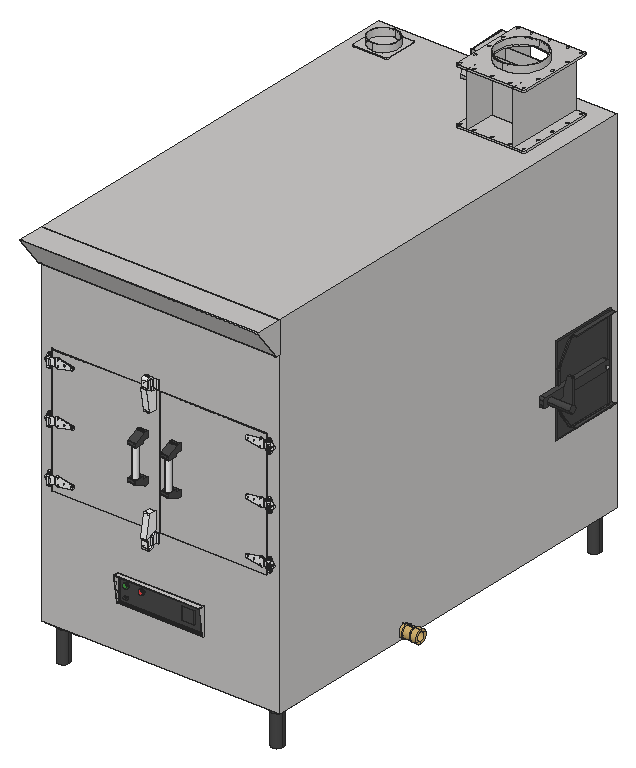
Revit family "QF_Southern Pride_SPK-1400", category Specialty Equipment, Revit 2019 (continued)
Definition of nested family "Southern Pride_Legs"
  Forms (mm)
    Extrusion 6, solid, material <- "Leg Materials", visible <- "Bracket"
      sketch origin (-197.847, 120.066, 0) x (-0.258819, -0.965926, 0) y (0, 0, 1)
        loop
          line (130.409, 587.375) -> (130.409, 570.648)
          arc (130.409, 570.648) -> (130.556, 569.693) -> (130.984, 568.827) r 3.175
          line (130.984, 568.827) -> (221.536, 439.504)
          arc (221.536, 439.504) -> (222.671, 438.509) -> (224.137, 438.15) r 3.175
          line (224.137, 438.15) -> (266.934, 438.15) -> (266.934, 590.55) -> (133.584, 590.55)
          arc (133.584, 590.55) -> (131.339, 589.62) -> (130.409, 587.375) r 3.175
        loop
          arc (216.134, 571.5) -> (214.275, 575.99) -> (209.784, 577.85) r 6.35
          line (209.784, 577.85) -> (164.566, 577.85)
          arc (164.566, 577.85) -> (153.301, 571.014) -> (154.163, 557.866) r 12.7
          line (154.163, 557.866) -> (193.031, 502.355)
          arc (193.031, 502.355) -> (207.253, 497.528) -> (216.134, 509.64) r 12.7
          line (216.134, 509.64) -> (216.134, 571.5)
      from -9.525 to 9.525
  Lines and regions (mm)
    symbolic lines, visible <- "Symbolic Lines"
      curve 1: line (-316.147, 11.452, 438.15) -> (-328.847, -1.248, 438.15)
      curve 2: line (-130.409, 11.452, 438.15) -> (-316.147, 11.452, 438.15)
      curve 3: line (-328.847, -1.248, 438.15) -> (-328.847, -186.985, 438.15)
      curve 4: line (-117.709, -1.248, 438.15) -> (-130.409, 11.452, 438.15)
      curve 5: line (-117.709, -186.985, 438.15) -> (-117.709, -1.248, 438.15)
      curve 6: line (-130.409, -199.685, 438.15) -> (-117.709, -186.985, 438.15)
      curve 7: line (-316.147, -199.685, 438.15) -> (-130.409, -199.685, 438.15)
      curve 8: line (-328.847, -186.985, 438.15) -> (-316.147, -199.685, 438.15)
      curve 9: circle (-266.934, -137.773, 438.15) r 31.75 normal (0, 0, 1)
  Dimensions and locks
    locked: plane 3 "LEFT" to plane 7 "Center LR" at 61.913
    locked: plane 7 "Center LR" to plane 5 "RIGHT" at 149.225
    locked: plane 8 "Center FB" to plane 4 "FRONT" at 61.913
    locked: plane 1 "BACK" to plane 8 "Center FB" at 149.225
    "Leg Height": plane 6 "TOP" to plane 2
    locked: plane 6 "TOP" to plane 9 "Support Top" at 6.35
    locked: plane 9 "Support Top" to plane 10 "Support Bottom" at 152.4
    locked: plane 9 "Support Top" to plane 11 "Leg Ferring Bottom" at 25.4
    locked: plane 3 "LEFT" to Extrusion 3 sketch curve at 12.7  (x2)
    locked: Extrusion 3 sketch curve to plane 5 "RIGHT" at 12.7  (x2)
    locked: Extrusion 3 sketch curve to plane 1 "BACK" at 12.7  (x2)
    locked: Extrusion 3 sketch curve to plane 4 "FRONT" at 12.7  (x2)
    aligned and locked: level to plane 2
    aligned and locked: plane 6 "TOP" to Extrusion 1
    aligned and locked: plane 6 "TOP" to Extrusion 2
    aligned and locked: plane 1 "BACK" to Extrusion 3 sketch curve
    aligned and locked: Extrusion 3 sketch curve to plane 5 "RIGHT"
    aligned and locked: plane 4 "FRONT" to Extrusion 3 sketch curve
    aligned and locked: plane 3 "LEFT" to Extrusion 3 sketch curve
    aligned and locked: plane 6 "TOP" to Extrusion 3
    aligned and locked: plane 9 "Support Top" to Extrusion 4
  Automatic sketch dimensions
    Extrusion 1 sketch curve to plane 7 "Center LR" = 0.000"
    Extrusion 1 sketch curve to plane 8 "Center FB" = 0.000"
    Extrusion 2 sketch curve to Extrusion 2 sketch curve = 0.000"  (x2)
    Extrusion 2 sketch curve to plane 7 "Center LR" = 0.000"
    Extrusion 2 sketch curve to plane 8 "Center FB" = 0.000"
    Extrusion 4 sketch curve to Extrusion 4 sketch curve = 0.000"  (x2)
    Extrusion 4 sketch curve to plane 7 "Center LR" = 0.000"
    Extrusion 4 sketch curve to plane 8 "Center FB" = 0.000"
    plane 9 "Support Top" to Extrusion 6 sketch curve = 0.000"
    plane 11 "Leg Ferring Bottom" to Extrusion 6 sketch curve = 0.000"
    plane 10 "Support Bottom" to Extrusion 6 sketch curve = 0.000"
    Extrusion 6 sketch curve to plane 9 "Support Top" = 0.125"
    plane 11 "Leg Ferring Bottom" to Extrusion 6 sketch curve = 0.14475"
    Extrusion 6 sketch curve to Extrusion 6 sketch curve = 0.02261"
    Extrusion 6 sketch curve to Extrusion 6 sketch curve = 0.10239"  (x2)
    Extrusion 6 sketch curve to plane 11 "Leg Ferring Bottom" = 0.28679"
    Extrusion 6 sketch curve to Extrusion 6 sketch curve = 0.81016"
    Extrusion 6 sketch curve to Extrusion 6 sketch curve = 0.40958"  (x2)
    Extrusion 6 sketch curve to plane 11 "Leg Ferring Bottom" = 2.47223"
    Extrusion 6 sketch curve to Extrusion 6 sketch curve = 1.53026"
    Extrusion 6 sketch curve to Extrusion 6 sketch curve = 1.78026"
    plane 11 "Leg Ferring Bottom" to Extrusion 6 sketch curve = 0.250"
    plane 10 "Support Bottom" to Extrusion 6 sketch curve = 0.0533"
    Extrusion 6 sketch curve to Extrusion 6 sketch curve = 1.12225"
    Extrusion 6 sketch curve to Extrusion 6 sketch curve = 1.68493"
    plane 9 "Support Top" to Extrusion 5 sketch curve = 0.000"
    plane 11 "Leg Ferring Bottom" to Extrusion 5 sketch curve = 0.000"
    plane 10 "Support Bottom" to Extrusion 5 sketch curve = 0.000"
    Extrusion 5 sketch curve to plane 9 "Support Top" = 0.125"
    plane 11 "Leg Ferring Bottom" to Extrusion 5 sketch curve = 0.14475"
    Extrusion 5 sketch curve to Extrusion 5 sketch curve = 0.02261"
    Extrusion 5 sketch curve to Extrusion 5 sketch curve = 0.10239"  (x2)
    Extrusion 5 sketch curve to plane 11 "Leg Ferring Bottom" = 0.28679"
    Extrusion 5 sketch curve to Extrusion 5 sketch curve = 0.81016"
    Extrusion 5 sketch curve to Extrusion 5 sketch curve = 0.40958"  (x2)
    Extrusion 5 sketch curve to plane 11 "Leg Ferring Bottom" = 2.47223"
    Extrusion 5 sketch curve to Extrusion 5 sketch curve = 1.53026"
    Extrusion 5 sketch curve to Extrusion 5 sketch curve = 1.78026"
    plane 11 "Leg Ferring Bottom" to Extrusion 5 sketch curve = 0.250"
    plane 10 "Support Bottom" to Extrusion 5 sketch curve = 0.0533"
    Extrusion 5 sketch curve to Extrusion 5 sketch curve = 1.12225"
    Extrusion 5 sketch curve to Extrusion 5 sketch curve = 1.68493"
    curve 8 to plane 4 "FRONT" = 0.000"
    curve 3 to plane 3 "LEFT" = 0.000"
    curve 6 to plane 5 "RIGHT" = 0.000"
    curve 9 to plane 7 "Center LR" = 0.000"
    curve 9 to plane 8 "Center FB" = 0.000"
    plane 1 "BACK" to curve 2 = 0.000"
    plane 4 "FRONT" to curve 3 = 0.500"
    plane 4 "FRONT" to curve 6 = 0.500"
    plane 1 "BACK" to curve 1 = 0.500"
    plane 1 "BACK" to curve 4 = 0.500"
    curve 6 to plane 5 "RIGHT" = 0.500"
    curve 2 to plane 5 "RIGHT" = 0.500"
    plane 3 "LEFT" to curve 8 = 0.500"
    plane 3 "LEFT" to curve 2 = 0.500"
    radius of Extrusion 1 sketch curve = 1.250"
    radius of Extrusion 2 sketch curve = 1.250"
    radius of Extrusion 2 sketch curve = 1.4375"
    radius of Extrusion 4 sketch curve = 1.250"
    radius of Extrusion 4 sketch curve = 1.4375"
    radius of curve 9 = 1.250"
Definition of nested family "Southern Pride_Firebox"
  Parameters (values of type "Southern Pride_Firebox")
    Watermarked By = ""
    Symbolic Lines [instance] = yes
    Show Clearance [instance] = yes
    Model = ""
    Manufacturer = ""
    Keynote = ""
    Description = ""
  Reference planes
    plane 1 "BACK": y = 0
    plane 2: z = 0
    plane 3 "LEFT": x = -420.769
    plane 4 "FRONT": y = -384.556
    plane 5 "RIGHT": x = -249.319
    plane 6 "TOP": z = 504.604
    plane 7 "Handle CL Elev": z = 257.686
    plane 8 "Inside Left": x = -417.594
    plane 9: x = -408.069
    plane 10 "Handle Left": x = -405.819
    plane 11 "Handle Right": x = -380.419
    plane 12 "Door Swing": x = 103.106
  Forms (mm)
    Extrusion 1, solid
      sketch origin (-420.769, 0, 0) x (0, 1, 0) y (0, 0, 1)
        loop
          arc (-381.381, 504.604) -> (-383.626, 503.674) -> (-384.556, 501.429) r 3.175
          line (-384.556, 501.429) -> (-384.556, 3.175)
          arc (-384.556, 3.175) -> (-383.626, 0.93) -> (-381.381, 0) r 3.175
          line (-381.381, 0) -> (-3.175, 0)
          arc (-3.175, 0) -> (-0.93, 0.93) -> (0, 3.175) r 3.175
          line (0, 3.175) -> (0, 501.429)
          arc (0, 501.429) -> (-0.93, 503.674) -> (-3.175, 504.604) r 3.175
          line (-3.175, 504.604) -> (-381.381, 504.604)
        loop
          line (-379.781, 499.829) -> (-379.781, 4.775) -> (-4.775, 4.775) -> (-4.775, 499.829) -> (-379.781, 499.829)
      from 0 to 3.175
    Extrusion 2, solid
      sketch origin (-420.769, 0, 0) x (0, 1, 0) y (0, 0, 1)
        loop
          line (-27.381, 480.146) -> (-271.902, 480.146)
          arc (-271.902, 480.146) -> (-288.389, 476.077) -> (-301.089, 464.804) r 35.433
          line (-301.089, 464.804) -> (-352.873, 389.575)
          arc (-352.873, 389.575) -> (-357.489, 380.073) -> (-359.075, 369.628) r 35.179
          line (-359.075, 369.628) -> (-366.072, 369.628) -> (-366.072, 145.743) -> (-359.075, 145.743)
          arc (-359.075, 145.743) -> (-357.489, 135.298) -> (-352.873, 125.796) r 35.179
          line (-352.873, 125.796) -> (-299.515, 48.281)
          arc (-299.515, 48.281) -> (-286.815, 37.008) -> (-270.328, 32.939) r 35.433
          line (-270.328, 32.939) -> (-27.381, 32.939) -> (-27.381, 480.146)
        loop
          line (-379.781, 499.829) -> (-379.781, 4.775) -> (-4.775, 4.775) -> (-4.775, 499.829) -> (-379.781, 499.829)
      from 0 to 1.6
    Extrusion 3, solid
      sketch origin (-420.769, 0, 0) x (0, 1, 0) y (0, 0, 1)
        loop
          line (-27.381, 483.321) -> (-271.902, 483.321)
          arc (-271.902, 483.321) -> (-289.866, 478.888) -> (-303.704, 466.604) r 38.608
          line (-303.704, 466.604) -> (-355.488, 391.375)
          arc (-355.488, 391.375) -> (-360.52, 381.015) -> (-362.25, 369.628) r 38.354
          line (-362.25, 369.628) -> (-359.075, 369.628)
          arc (-359.075, 369.628) -> (-357.489, 380.073) -> (-352.873, 389.575) r 35.179
          line (-352.873, 389.575) -> (-301.089, 464.804)
          arc (-301.089, 464.804) -> (-288.389, 476.077) -> (-271.902, 480.146) r 35.433
          line (-271.902, 480.146) -> (-27.381, 480.146) -> (-27.381, 483.321)
        loop
          line (-299.515, 48.281) -> (-352.873, 125.796)
          arc (-352.873, 125.796) -> (-357.489, 135.298) -> (-359.075, 145.743) r 35.179
          line (-359.075, 145.743) -> (-362.25, 145.743)
          arc (-362.25, 145.743) -> (-360.52, 134.356) -> (-355.488, 123.996) r 38.354
          line (-355.488, 123.996) -> (-302.13, 46.481)
          arc (-302.13, 46.481) -> (-288.292, 34.198) -> (-270.328, 29.764) r 38.608
          line (-270.328, 29.764) -> (-27.381, 29.764) -> (-27.381, 32.939) -> (-270.328, 32.939)
          arc (-270.328, 32.939) -> (-286.815, 37.008) -> (-299.515, 48.281) r 35.433
      from 1.6 to 12.7
    Extrusion 4, solid
      sketch origin (-420.769, 0, 0) x (0, 1, 0) y (0, 0, 1)
        loop
          line (-359.075, 369.628) -> (-366.072, 369.628) -> (-366.072, 145.743) -> (-359.075, 145.743)
          arc (-359.075, 145.743) -> (-357.489, 135.298) -> (-352.873, 125.796) r 35.179
          line (-352.873, 125.796) -> (-299.515, 48.281)
          arc (-299.515, 48.281) -> (-286.815, 37.008) -> (-270.328, 32.939) r 35.433
          line (-270.328, 32.939) -> (-27.381, 32.939) -> (-27.381, 480.146) -> (-271.902, 480.146)
          arc (-271.902, 480.146) -> (-288.389, 476.077) -> (-301.089, 464.804) r 35.433
          line (-301.089, 464.804) -> (-352.873, 389.575)
          arc (-352.873, 389.575) -> (-357.489, 380.073) -> (-359.075, 369.628) r 35.179
      from 0 to 3.175
    Extrusion 5, solid
      sketch origin (-405.819, 0, 0) x (0, 1, 0) y (0, 0, 1)
        loop
          arc (-513.535, 244.986) -> (-509.815, 236.005) -> (-500.835, 232.286) r 12.7
          line (-500.835, 232.286) -> (-69.035, 232.286)
          arc (-69.035, 232.286) -> (-60.054, 236.005) -> (-56.335, 244.986) r 12.7
          line (-56.335, 244.986) -> (-56.335, 270.386)
          arc (-56.335, 270.386) -> (-60.054, 279.366) -> (-69.035, 283.086) r 12.7
          line (-69.035, 283.086) -> (-500.835, 283.086)
          arc (-500.835, 283.086) -> (-509.815, 279.366) -> (-513.535, 270.386) r 12.7
          line (-513.535, 270.386) -> (-513.535, 244.986)
        loop
          circle (-81.735, 257.686) r 6.35
      from 0 to 25.4
    Extrusion 6, solid
      sketch origin (-417.594, 0, 0) x (0, 1, 0) y (0, 0, 1)
        loop
          circle (-81.735, 257.686) r 6.35
      from 0 to 50.8
    Extrusion 7, solid
      sketch origin (-417.594, 0, 0) x (0, 1, 0) y (0, 0, 1)
        loop
          line (-271.902, 489.671) -> (-271.902, 486.496) -> (7.498, 486.496) -> (7.498, 489.671) -> (-271.902, 489.671)
        loop
          line (-271.902, 25.7) -> (7.498, 25.7) -> (7.498, 28.875) -> (-271.902, 28.875) -> (-271.902, 25.7)
      from 0 to 25.4
    Extrusion 8, solid
      sketch origin (-380.419, 0, 0) x (0, 1, 0) y (0, 0, 1)
        loop
          circle (-475.435, 257.686) r 18.258
      from 0 to 131.1
    Extrusion 9, solid
      sketch origin (0, -384.556, 0) x (-1, 0, 0) y (0, 0, 1)
        loop
          arc (417.594, 365.689) -> (409.381, 359.805) -> (406.237, 350.202) r 16.237
          line (406.237, 350.202) -> (406.237, 222.623)
          arc (406.237, 222.623) -> (394.882, 226.377) -> (388.002, 236.16) r 19.05
          line (388.002, 236.16) -> (353.546, 350.114) -> (334.397, 350.114)
          arc (334.397, 350.114) -> (329.907, 348.254) -> (328.047, 343.764) r 6.35
          line (328.047, 343.764) -> (328.047, 177.978)
          arc (328.047, 177.978) -> (329.907, 173.488) -> (334.397, 171.628) r 6.35
          line (334.397, 171.628) -> (417.594, 171.628) -> (417.594, 365.689)
      from 6.35 to 15.875
    Extrusion 10, solid, visible <- "Show Clearance", detail levels coarse+medium
      sketch origin (0, 0, 0) x (1, 0, 0) y (0, 1, 0)
        loop
          line (-249.319, -18.375) -> (-249.319, -492.62)
          arc (-249.319, -492.62) -> (5.353, -313.803) -> (103.106, -18.375) r 495.3
          line (103.106, -18.375) -> (-249.319, -18.375)
      from 0 to 504.604
  Cuts and joins
    joined: Extrusion 2, Extrusion 3
  Lines and regions (mm)
    symbolic lines, visible <- "Symbolic Lines"
      curve 1: line (-392.194, 7.498, 0) -> (-417.594, 7.498, 0)
      curve 2: line (-417.594, -271.902, 0) -> (-392.194, -271.902, 0)
      curve 3: line (-392.194, -271.902, 0) -> (-392.194, 7.498, 0)
      curve 4: line (-380.419, -513.535, 0) -> (-380.419, -56.335, 0)
      curve 5: line (-417.594, 7.498, 0) -> (-417.594, -384.556, 0)
      curve 7: line (-420.769, -384.556, 0) -> (-420.769, 0, 0)
      curve 8: line (-420.769, 0, 0) -> (-417.594, 0, 0)
      curve 9: line (-380.419, -56.335, 0) -> (-392.194, -56.335, 0)
      curve 10: line (-366.794, -75.385, 0) -> (-366.794, -88.085, 0)
      curve 11: line (-366.794, -88.085, 0) -> (-380.419, -88.085, 0)
      curve 12: line (-366.794, -75.385, 0) -> (-380.419, -75.385, 0)
      curve 13: line (-405.819, -513.535, 0) -> (-405.819, -271.902, 0)
      curve 14: line (-249.319, -457.177, 0) -> (-380.419, -457.177, 0)
      curve 15: line (-249.319, -457.177, 0) -> (-249.319, -493.692, 0)
      curve 16: line (-249.319, -493.692, 0) -> (-380.419, -493.692, 0)
      curve 17: line (-328.047, -378.206, 0) -> (-380.419, -378.206, 0)
      curve 18: line (-405.819, -378.206, 0) -> (-417.594, -378.206, 0)
      curve 19: line (-328.047, -378.206, 0) -> (-328.047, -368.681, 0)
      curve 20: line (-328.047, -368.681, 0) -> (-380.419, -368.681, 0)
      curve 21: line (-405.819, -368.681, 0) -> (-417.594, -368.681, 0)
      curve 22: line (-405.819, -362.25, 0) -> (-417.594, -362.25, 0)
    symbolic lines
      curve 6: line (-417.594, -384.556, 0) -> (-420.769, -384.556, 0)
      curve 23: line (-380.419, -513.535, 0) -> (-405.819, -513.535, 0)
    symbolic lines, visible <- "Show Clearance", detail levels coarse+medium
      curve 24: arc (-380.419, -513.535, 0) -> (-37.826, -364.416, 0) -> (103.106, -18.375, 0) r 495.3
      curve 25: line (103.106, -18.375, 0) -> (-380.419, -18.375, 0)
  Dimensions and locks
    locked: plane 4 "FRONT" to plane 1 "BACK" at 384.556
    locked: plane 5 "RIGHT" to plane 3 "LEFT" at 171.45
    locked: plane 6 "TOP" to plane 2 at 504.604
    locked: plane 6 "TOP" to plane 7 "Handle CL Elev" at 246.918
    locked: plane 3 "LEFT" to plane 8 "Inside Left" at 3.175
    locked: plane 8 "Inside Left" to plane 9 at 9.525
    locked: plane 3 "LEFT" to plane 10 "Handle Left" at 14.95
    locked: plane 10 "Handle Left" to plane 11 "Handle Right" at 25.4
    aligned and locked: level to plane 2
    aligned and locked: plane 8 "Inside Left" to Extrusion 1
    aligned and locked: plane 9 to Extrusion 3
    aligned and locked: plane 8 "Inside Left" to Extrusion 4
    aligned and locked: plane 11 "Handle Right" to Extrusion 5
    aligned and locked: plane 5 "RIGHT" to Extrusion 8
Definition of nested family "Southern Pride_Smoke Extractor Damper"
  Parameters (values of type "Southern Pride_Smoke Extractor Damper")
    Watermarked By = ""
    Symbolic Lines [instance] = yes
    Model = ""
    Manufacturer = "Southern Pride"  # constant formula
    Keynote = ""
    Description = ""
  Reference planes
    plane 1 "BACK": y = 11.452
    plane 2: z = 0
    plane 3 "LEFT": x = -328.847
    plane 4 "FRONT": y = -423.523
    plane 5 "RIGHT": x = 56.916
    plane 6 "TOP": z = 349.25
    plane 7 "Center LR": x = -135.966
    plane 8 "Center FB": y = -206.035
    plane 9 "Electrical Mount Right": x = -372.657
    plane 10 "Electrical Mount Left": x = -435.085
    plane 11 "Damper Top": z = 313.047
    plane 12 "Damper Top Inside": z = 306.078
    plane 13 "Damper Bottom Inside": z = 6.97
    plane 14 "Inside Right": x = -8.966
    plane 15 "Inside Left": x = -262.966
  Forms (mm)
    Extrusion 1, solid
      sketch origin (0, 0, 0) x (1, 0, 0) y (0, 1, 0)
        loop
          arc (-316.147, 11.452) -> (-325.127, 7.733) -> (-328.847, -1.248) r 12.7
          line (-328.847, -1.248) -> (-328.847, -410.823)
          arc (-328.847, -410.823) -> (-325.127, -419.803) -> (-316.147, -423.523) r 12.7
          line (-316.147, -423.523) -> (44.216, -423.523)
          arc (44.216, -423.523) -> (53.196, -419.803) -> (56.916, -410.823) r 12.7
          line (56.916, -410.823) -> (56.916, -1.248)
          arc (56.916, -1.248) -> (53.196, 7.733) -> (44.216, 11.452) r 12.7
          line (44.216, 11.452) -> (-316.147, 11.452)
        loop
          circle (-312.972, -4.423) r 6.35
        loop
          circle (-135.966, -4.423) r 6.35
        loop
          circle (-236.772, -4.423) r 6.35
        loop
          circle (41.041, -4.423) r 6.35
        loop
          circle (-35.159, -4.423) r 6.35
        loop
          circle (-312.972, -407.648) r 6.35
        loop
          circle (-135.966, -407.648) r 6.35
        loop
          circle (-236.772, -407.648) r 6.35
        loop
          circle (41.041, -407.648) r 6.35
        loop
          circle (-35.159, -407.648) r 6.35
        loop
          circle (-312.972, -106.023) r 6.35
        loop
          circle (-312.972, -206.035) r 6.35
        loop
          circle (-312.972, -306.048) r 6.35
        loop
          circle (41.041, -106.023) r 6.35
        loop
          circle (41.041, -206.035) r 6.35
        loop
          circle (41.041, -306.048) r 6.35
      from 0 to 6.97
    Extrusion 2, solid
      sketch origin (0, 0, 306.078) x (0, 1, 0) y (-1, 0, 0)
        loop
          arc (11.452, 316.147) -> (7.733, 325.127) -> (-1.248, 328.847) r 12.7
          line (-1.248, 328.847) -> (-410.823, 328.847)
          arc (-410.823, 328.847) -> (-419.803, 325.127) -> (-423.523, 316.147) r 12.7
          line (-423.523, 316.147) -> (-423.523, -44.216)
          arc (-423.523, -44.216) -> (-419.803, -53.196) -> (-410.823, -56.916) r 12.7
          line (-410.823, -56.916) -> (-1.248, -56.916)
          arc (-1.248, -56.916) -> (7.733, -53.196) -> (11.452, -44.216) r 12.7
          line (11.452, -44.216) -> (11.452, 316.147)
        loop
          circle (-4.423, 312.972) r 6.35
        loop
          circle (-4.423, 135.966) r 6.35
        loop
          circle (-4.423, 236.772) r 6.35
        loop
          circle (-4.423, -41.041) r 6.35
        loop
          circle (-4.423, 35.159) r 6.35
        loop
          circle (-407.648, 312.972) r 6.35
        loop
          circle (-407.648, 135.966) r 6.35
        loop
          circle (-407.648, 236.772) r 6.35
        loop
          circle (-407.648, -41.041) r 6.35
        loop
          circle (-407.648, 35.159) r 6.35
        loop
          circle (-106.023, 312.972) r 6.35
        loop
          circle (-206.035, 312.972) r 6.35
        loop
          circle (-306.048, 312.972) r 6.35
        loop
          circle (-106.023, -41.041) r 6.35
        loop
          circle (-206.035, -41.041) r 6.35
        loop
          circle (-306.048, -41.041) r 6.35
        loop
          circle (-206.035, 135.966) r 127
      from 0 to 6.97
    Extrusion 3, solid
      sketch origin (0, 0, 6.97) x (0, 1, 0) y (-1, 0, 0)
        loop
          line (-157.889, 8.966) -> (-157.889, 262.966) -> (-161.064, 262.966) -> (-161.064, 8.966) -> (-157.889, 8.966)
        loop
          line (-254.181, 8.966) -> (-251.006, 8.966) -> (-251.006, 262.966) -> (-254.181, 262.966) -> (-254.181, 8.966)
      from 0 to 299.108
    Extrusion 4, solid
      sketch origin (0, 0, 6.97) x (0, 1, 0) y (-1, 0, 0)
        loop
          line (11.452, 262.966) -> (11.452, 266.141) -> (-423.523, 266.141) -> (-423.523, 262.966) -> (11.452, 262.966)
        loop
          line (11.452, 8.966) -> (-423.523, 8.966) -> (-423.523, 5.791) -> (11.452, 5.791) -> (11.452, 8.966)
      from 0 to 299.108
    Extrusion 5, solid
      sketch origin (0, -206.035, 0) x (-1, 0, 0) y (0, 0, 1)
        loop
          line (266.141, 306.078) -> (266.141, 302.903) -> (366.307, 302.903)
          arc (366.307, 302.903) -> (368.552, 301.973) -> (369.482, 299.728) r 3.175
          line (369.482, 299.728) -> (369.482, 13.32)
          arc (369.482, 13.32) -> (368.552, 11.075) -> (366.307, 10.145) r 3.175
          line (366.307, 10.145) -> (266.141, 10.145) -> (266.141, 6.97) -> (366.307, 6.97)
          arc (366.307, 6.97) -> (370.797, 8.83) -> (372.657, 13.32) r 6.35
          line (372.657, 13.32) -> (372.657, 299.728)
          arc (372.657, 299.728) -> (370.797, 304.218) -> (366.307, 306.078) r 6.35
          line (366.307, 306.078) -> (266.141, 306.078)
      from -53.01 to 153.797
    Extrusion 6, solid
      sketch origin (-372.657, 0, 0) x (0, 1, 0) y (0, 0, 1)
        loop
          circle (-206.035, 156.524) r 10.843
      from 3.175 to 106.516
    Extrusion 7, solid
      sketch origin (-435.085, 0, 0) x (0, 1, 0) y (0, 0, 1)
        loop
          arc (-254.906, 148.077) -> (-256.174, 138.44) -> (-250.257, 130.729) r 12.7
          line (-250.257, 130.729) -> (-118.275, 54.529)
          arc (-118.275, 54.529) -> (-108.638, 53.26) -> (-100.926, 59.177) r 12.7
          line (-100.926, 59.177) -> (-69.176, 114.17)
          arc (-69.176, 114.17) -> (-67.908, 123.807) -> (-73.825, 131.519) r 12.7
          line (-73.825, 131.519) -> (-205.807, 207.719)
          arc (-205.807, 207.719) -> (-215.444, 208.987) -> (-223.156, 203.07) r 12.7
          line (-223.156, 203.07) -> (-254.906, 148.077)
      from 0 to 62.428
    Extrusion 8, solid
      sketch origin (0, 0, 313.047) x (0, 1, 0) y (-1, 0, 0)
        loop
          circle (-206.035, 135.966) r 127
        loop
          circle (-206.035, 135.966) r 130.175
      from 0 to 36.203
  Lines and regions (mm)
    symbolic lines
      curve 1: arc (-316.147, 11.452, 6.97) -> (-325.127, 7.733, 6.97) -> (-328.847, -1.248, 6.97) r 12.7
      curve 2: line (44.216, 11.452, 6.97) -> (-316.147, 11.452, 6.97)
      curve 3: line (-328.847, -1.248, 6.97) -> (-328.847, -410.823, 6.97)
      curve 4: arc (56.916, -1.248, 6.97) -> (53.196, 7.733, 6.97) -> (44.216, 11.452, 6.97) r 12.7
      curve 5: line (56.916, -410.823, 6.97) -> (56.916, -1.248, 6.97)
      curve 6: line (-254.737, -161.064, 6.97) -> (-17.194, -161.064, 6.97)
      curve 7: line (-17.194, -251.006, 6.97) -> (-254.737, -251.006, 6.97)
      curve 8: arc (-328.847, -410.823, 6.97) -> (-325.127, -419.803, 6.97) -> (-316.147, -423.523, 6.97) r 12.7
      curve 9: line (-316.147, -423.523, 6.97) -> (44.216, -423.523, 6.97)
      curve 10: line (-372.657, -259.045, 6.97) -> (-328.847, -259.045, 6.97)
      curve 11: line (-372.657, -259.045, 6.97) -> (-372.657, -52.238, 6.97)
      curve 12: line (-372.657, -52.238, 6.97) -> (-328.847, -52.238, 6.97)
      curve 13: line (-435.085, -67.475, 6.97) -> (-372.657, -67.475, 6.97)
      curve 14: line (-435.085, -67.475, 6.97) -> (-435.085, -256.607, 6.97)
      curve 15: line (-435.085, -256.607, 6.97) -> (-372.657, -256.607, 6.97)
      curve 16: circle (-312.972, -4.423, 6.97) r 6.35 normal (0, 0, 1)
      curve 17: circle (-135.966, -206.035, 6.97) r 127 normal (0, 0, 1)
      curve 18: circle (-236.772, -4.423, 6.97) r 6.35 normal (0, 0, 1)
      curve 19: circle (-135.966, -4.423, 6.97) r 6.35 normal (0, 0, 1)
      curve 20: circle (-35.159, -4.423, 6.97) r 6.35 normal (0, 0, 1)
      curve 21: circle (41.041, -4.423, 6.97) r 6.35 normal (0, 0, 1)
      curve 22: circle (41.041, -106.023, 6.97) r 6.35 normal (0, 0, 1)
      curve 23: circle (41.041, -206.035, 6.97) r 6.35 normal (0, 0, 1)
      curve 24: circle (41.041, -306.048, 6.97) r 6.35 normal (0, 0, 1)
      curve 25: circle (41.041, -407.648, 6.97) r 6.35 normal (0, 0, 1)
      curve 26: circle (-35.159, -407.648, 6.97) r 6.35 normal (0, 0, 1)
      curve 27: circle (-135.966, -407.648, 6.97) r 6.35 normal (0, 0, 1)
      curve 28: circle (-236.772, -407.648, 6.97) r 6.35 normal (0, 0, 1)
      curve 29: circle (-312.972, -407.648, 6.97) r 6.35 normal (0, 0, 1)
      curve 30: circle (-312.972, -306.048, 6.97) r 6.35 normal (0, 0, 1)
      curve 31: circle (-312.972, -206.035, 6.97) r 6.35 normal (0, 0, 1)
      curve 32: circle (-312.972, -106.023, 6.97) r 6.35 normal (0, 0, 1)
  Dimensions and locks
    locked: plane 4 "FRONT" to plane 1 "BACK" at 434.975
    equal spacing: plane 4 "FRONT", plane 8 "Center FB", plane 1 "BACK"
    locked: plane 3 "LEFT" to plane 5 "RIGHT" at 385.763
    equal spacing: plane 3 "LEFT", plane 7 "Center LR", plane 5 "RIGHT"
    locked: plane 9 "Electrical Mount Right" to plane 3 "LEFT" at 43.81
    locked: plane 10 "Electrical Mount Left" to plane 9 "Electrical Mount Right" at 62.428
    locked: plane 6 "TOP" to level at 349.25
    locked: plane 6 "TOP" to plane 11 "Damper Top" at 36.203
    locked: plane 11 "Damper Top" to plane 12 "Damper Top Inside" at 6.97
    locked: plane 13 "Damper Bottom Inside" to level at 6.97
    locked: plane 15 "Inside Left" to plane 14 "Inside Right" at 254
    equal spacing: plane 15 "Inside Left", plane 7 "Center LR", plane 14 "Inside Right"
    aligned and locked: level to plane 2
    aligned and locked: plane 1 "BACK" to Extrusion 1 sketch curve
    aligned and locked: plane 3 "LEFT" to Extrusion 1 sketch curve
    aligned and locked: plane 4 "FRONT" to Extrusion 1 sketch curve
    aligned and locked: Extrusion 1 sketch curve to plane 5 "RIGHT"
    aligned and locked: plane 11 "Damper Top" to Extrusion 2
    aligned and locked: plane 13 "Damper Bottom Inside" to Extrusion 1
    aligned and locked: plane 12 "Damper Top Inside" to Extrusion 3
    aligned and locked: plane 12 "Damper Top Inside" to Extrusion 4
    aligned and locked: plane 9 "Electrical Mount Right" to Extrusion 7
    aligned and locked: plane 6 "TOP" to Extrusion 8
  Automatic sketch dimensions
    Extrusion 1 sketch curve to plane 8 "Center FB" = 0.000"  (x2)
    Extrusion 1 sketch curve to plane 7 "Center LR" = 0.000"  (x2)
    plane 3 "LEFT" to Extrusion 1 sketch curve = 0.500"  (x2)
    plane 3 "LEFT" to Extrusion 1 sketch curve = 0.625"  (x3)
    Extrusion 1 sketch curve to Extrusion 1 sketch curve = 0.125"  (x6)
    plane 1 "BACK" to Extrusion 1 sketch curve = 0.625"  (x3)
    Extrusion 1 sketch curve to Extrusion 1 sketch curve = 3.000"  (x2)
    plane 4 "FRONT" to Extrusion 1 sketch curve = 0.625"  (x3)
    Extrusion 1 sketch curve to plane 5 "RIGHT" = 3.625"  (x2)
    Extrusion 1 sketch curve to plane 5 "RIGHT" = 0.625"  (x5)
    Extrusion 1 sketch curve to plane 5 "RIGHT" = 0.500"  (x2)
    Extrusion 1 sketch curve to plane 8 "Center FB" = 3.9375"  (x2)
    Extrusion 1 sketch curve to Extrusion 1 sketch curve = 3.9375"
    plane 8 "Center FB" to Extrusion 1 sketch curve = 3.9375"
    Extrusion 2 sketch curve to plane 4 "FRONT" = 0.000"
    Extrusion 2 sketch curve to plane 3 "LEFT" = 0.000"
    Extrusion 2 sketch curve to plane 5 "RIGHT" = 0.000"
    Extrusion 2 sketch curve to plane 7 "Center LR" = 0.000"  (x3)
    Extrusion 2 sketch curve to plane 8 "Center FB" = 0.000"  (x3)
    plane 1 "BACK" to Extrusion 2 sketch curve = 0.000"
    plane 4 "FRONT" to Extrusion 2 sketch curve = 0.500"  (x2)
    plane 4 "FRONT" to Extrusion 2 sketch curve = 0.625"  (x3)
    Extrusion 2 sketch curve to Extrusion 2 sketch curve = 0.125"  (x7)
    Extrusion 2 sketch curve to plane 5 "RIGHT" = 0.625"  (x3)
    Extrusion 2 sketch curve to plane 8 "Center FB" = 3.9375"
    plane 3 "LEFT" to Extrusion 2 sketch curve = 0.625"  (x3)
    Extrusion 2 sketch curve to Extrusion 2 sketch curve = 3.9375"  (x2)
    plane 8 "Center FB" to Extrusion 2 sketch curve = 3.9375"
    plane 1 "BACK" to Extrusion 2 sketch curve = 0.625"  (x5)
    plane 1 "BACK" to Extrusion 2 sketch curve = 0.500"
    Extrusion 2 sketch curve to plane 14 "Inside Right" = 1.03125"  (x2)
    plane 15 "Inside Left" to Extrusion 2 sketch curve = 1.03125"  (x2)
    Extrusion 3 sketch curve to plane 14 "Inside Right" = 0.000"  (x2)
    Extrusion 3 sketch curve to plane 15 "Inside Left" = 0.000"  (x2)
    Extrusion 3 sketch curve to plane 8 "Center FB" = 1.8955"
    Extrusion 3 sketch curve to Extrusion 3 sketch curve = 0.125"  (x2)
    plane 8 "Center FB" to Extrusion 3 sketch curve = 1.7705"
    Extrusion 4 sketch curve to plane 4 "FRONT" = 0.000"  (x2)
    plane 1 "BACK" to Extrusion 4 sketch curve = 0.000"  (x2)
    Extrusion 4 sketch curve to plane 14 "Inside Right" = 0.000"
    Extrusion 4 sketch curve to plane 15 "Inside Left" = 0.000"
    plane 14 "Inside Right" to Extrusion 4 sketch curve = 0.125"
    Extrusion 4 sketch curve to Extrusion 4 sketch curve = 0.125"
    Extrusion 5 sketch curve to Extrusion 5 sketch curve = 0.000"  (x4)
    Extrusion 5 sketch curve to plane 12 "Damper Top Inside" = 0.000"
    Extrusion 5 sketch curve to plane 13 "Damper Bottom Inside" = 0.000"
    Extrusion 5 sketch curve to plane 9 "Electrical Mount Right" = 0.000"
    plane 9 "Electrical Mount Right" to Extrusion 5 sketch curve = 0.125"
    plane 9 "Electrical Mount Right" to Extrusion 5 sketch curve = 0.250"
    Extrusion 5 sketch curve to Extrusion 5 sketch curve = 0.125"
    Extrusion 5 sketch curve to plane 15 "Inside Left" = 0.125"  (x2)
    Extrusion 6 sketch curve to plane 8 "Center FB" = 0.000"
    Extrusion 6 sketch curve to plane 12 "Damper Top Inside" = 5.88795"
    Extrusion 7 sketch curve to plane 8 "Center FB" = 1.92404"
    Extrusion 7 sketch curve to Extrusion 7 sketch curve = 0.18301"  (x2)
    Extrusion 7 sketch curve to Extrusion 7 sketch curve = 0.43301"  (x4)
    Extrusion 7 sketch curve to plane 8 "Center FB" = 0.67404"
    Extrusion 7 sketch curve to plane 8 "Center FB" = 0.24103"
    plane 8 "Center FB" to Extrusion 7 sketch curve = 0.00897"
    plane 8 "Center FB" to Extrusion 7 sketch curve = 3.45513"
    Extrusion 7 sketch curve to Extrusion 7 sketch curve = 0.250"  (x4)
    plane 13 "Damper Bottom Inside" to Extrusion 7 sketch curve = 2.05542"
    Extrusion 7 sketch curve to Extrusion 7 sketch curve = 1.250"
    Extrusion 7 sketch curve to Extrusion 7 sketch curve = 2.16506"  (x2)
    plane 13 "Damper Bottom Inside" to Extrusion 7 sketch curve = 4.87241"
    curve 9 to plane 4 "FRONT" = 0.000"
    curve 5 to plane 5 "RIGHT" = 0.000"
    curve 8 to plane 3 "LEFT" = 0.000"
    curve 27 to plane 7 "Center LR" = 0.000"
    curve 11 to plane 9 "Electrical Mount Right" = 0.000"
    curve 15 to plane 10 "Electrical Mount Left" = 0.000"
    curve 31 to plane 8 "Center FB" = 0.000"
    curve 23 to plane 8 "Center FB" = 0.000"
    curve 17 to plane 7 "Center LR" = 0.000"
    curve 17 to plane 8 "Center FB" = 0.000"
    curve 19 to plane 7 "Center LR" = 0.000"
    plane 1 "BACK" to curve 4 = 0.000"
    curve 8 to curve 8 = 0.500"
    plane 4 "FRONT" to curve 25 = 0.625"
    plane 4 "FRONT" to curve 27 = 0.625"
    plane 4 "FRONT" to curve 28 = 0.625"
    curve 8 to curve 29 = 0.125"
    plane 4 "FRONT" to curve 26 = 0.625"
    plane 3 "LEFT" to curve 30 = 0.625"
    curve 30 to plane 8 "Center FB" = 3.9375"
    curve 24 to plane 5 "RIGHT" = 0.625"
    curve 24 to plane 8 "Center FB" = 3.9375"
    curve 11 to plane 8 "Center FB" = 2.087"
    curve 15 to plane 8 "Center FB" = 1.99103"
    plane 3 "LEFT" to curve 32 = 0.625"
    curve 31 to curve 32 = 3.9375"
    curve 22 to plane 5 "RIGHT" = 0.625"
    curve 23 to curve 22 = 3.9375"
    plane 1 "BACK" to curve 14 = 3.10737"
    curve 13 to curve 11 = 0.59987"
    plane 1 "BACK" to curve 19 = 0.625"
    plane 1 "BACK" to curve 20 = 0.625"
    plane 1 "BACK" to curve 21 = 0.625"
    plane 1 "BACK" to curve 16 = 0.625"
    plane 1 "BACK" to curve 18 = 0.625"
    plane 1 "BACK" to curve 5 = 0.500"
    plane 1 "BACK" to curve 3 = 0.500"
    curve 4 to curve 21 = 0.125"
    curve 25 to plane 5 "RIGHT" = 0.625"
    curve 23 to plane 5 "RIGHT" = 0.625"
    curve 20 to plane 14 "Inside Right" = 1.03125"
    curve 26 to plane 14 "Inside Right" = 1.03125"
    plane 15 "Inside Left" to curve 18 = 1.03125"
    plane 15 "Inside Left" to curve 28 = 1.03125"
    plane 3 "LEFT" to curve 31 = 0.625"
    curve 29 to curve 8 = 0.125"
    curve 16 to curve 1 = 0.125"
    plane 4 "FRONT" to curve 5 = 0.500"
    curve 7 to plane 14 "Inside Right" = 0.32396"
    curve 7 to plane 8 "Center FB" = 1.7705"
    plane 15 "Inside Left" to curve 6 = 0.32396"
    curve 9 to plane 5 "RIGHT" = 0.500"
    Extrusion 8 sketch curve to Extrusion 8 sketch curve = 0.000"  (x2)
    Extrusion 8 sketch curve to plane 7 "Center LR" = 0.000"
    Extrusion 8 sketch curve to plane 8 "Center FB" = 0.000"
    radius of Extrusion 1 sketch curve = 0.250"  (x16)
    radius of Extrusion 2 sketch curve = 0.250"  (x16)
    radius of Extrusion 2 sketch curve = 5.000"
    radius of Extrusion 6 sketch curve = 0.4269"
    radius of curve 16 = 0.250"
    radius of curve 18 = 0.250"
    radius of curve 19 = 0.250"
    radius of curve 20 = 0.250"
    radius of curve 21 = 0.250"
    radius of curve 22 = 0.250"
    radius of curve 23 = 0.250"
    radius of curve 24 = 0.250"
    radius of curve 25 = 0.250"
    radius of curve 26 = 0.250"
    radius of curve 27 = 0.250"
    radius of curve 28 = 0.250"
    radius of curve 29 = 0.250"
    radius of curve 30 = 0.250"
    radius of curve 31 = 0.250"
    radius of curve 32 = 0.250"
    radius of Extrusion 8 sketch curve = 5.000"
    radius of Extrusion 8 sketch curve = 5.125"
